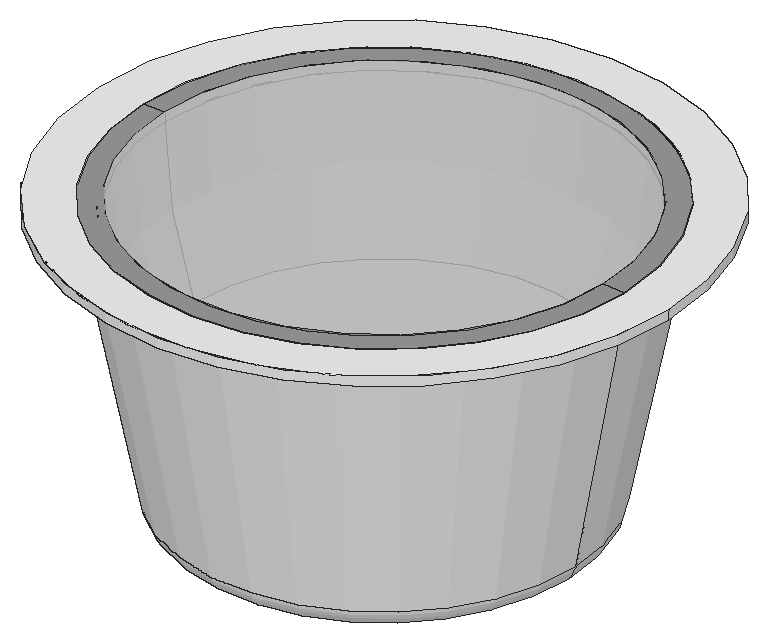
Revit family "2060560 Sylvania Lighting Fixture ASCENT 100 II ARCH 2700 3K STD 160", category Lighting Fixtures, host Face, Revit 2016
Family settings
  Host = Face
  Part Type = Normal
  Round Connector Dimension = Use Diameter
  OmniClass Number = 23.80.70.11.17
  OmniClass Title = Specialized Lighting by Location or Use
  Cut with Voids When Loaded = No
  Light Source = Yes
  Shared = No
  Room Calculation Point = No
Parameters (values of type "2060560 ASCT100 II ARCH 2700 3K STD 160")
  WidthBezelAcc_SYL = 25.0 mm
  Weight = "1.2 kg"
  Wattage = 21 W
  WarrantyStartDate [instance] = "n/a"
  WarrantyGuarantorParts = "n/a"
  WarrantyDurationUnit = "n/a"
  WarrantyDurationParts = "n/a"
  WarrantyDescription = "n/a"
  built-in parameter 1150110 = 1 (stored number, unit not read)
  Voltage = 0 V
  VisibilityAccessory_SYL = no
  TypeName = "ASCENT 100 II ARCH 2700 3K STD 160"
  built-in parameter 1114217 = 1 (stored number, unit not read)
  Tilt Angle = -90°
  built-in parameter 1150109 = 1 (stored number, unit not read)
  built-in parameter 1150134 = (empty or 0)
  built-in parameter 1150113 = 1 (stored number, unit not read)
  SerialNumber [instance] = "n/a"
  ReflectorRadius_SYL = Radius_SYL - 14.5 mm  # 80.0 mm
  RadiusAcc_SYL = 105.0 mm
  Radius_SYL = 94.5 mm
  URL = "http://www.sylvania-lighting.com"
  PowerFactor = 0
  PowerConsumption = "21 W"
  Photometric Web File = "2060560.ies"
  NominalWidth = 0.0 mm
  NominalLength = 0.0 mm
  NominalHeight = 94.0 mm
  Name = "ASCENT 100 II ARCH 2700 3K STD 160"
  ModelReference = "ASCENT 100 II ARCH 2700 3K STD 160"
  ModelNumber = "2060560"
  Material_4_SYL = none
  Material_3_SYL = Polycarbonate_Sylvania_Ascent_Opal
  Material_2_SYL = Aluminium_Sylvania_Ascent_Silver
  Material_1_SYL = Aluminum_Sylvania_Ascent_White
  Material = "aluminium housing, arcylic diffuser"
  ManufacturerName = "Feilo Sylvania"
  LuminousEfficacy = "126 lm/W"
  built-in parameter 1150105 = 210.56 (stored number, unit not read)
  Lumens = 2646 lm
  LuminaireType = ""
  built-in parameter 1150115 = 1 (stored number, unit not read)
  LightOutputRatio = "100"
  built-in parameter 1150137 = (empty or 0)
  built-in parameter 1150139 = (empty or 0)
  LampsType = Lamp  # "LED"
  LampNominalLuminous = "2649 lm"
  LampMacAdamStep = "3"
  LampColourTemperature = "3000 K"
  LampColourRenderingIndex = "80"
  built-in parameter 1150112 = 1 (stored number, unit not read)
  built-in parameter 1150114 = 1 (stored number, unit not read)
  Keynote = "16500"
  InstallationDate [instance] = "n/a"
  InputVoltage = "n/a"
  InputNominalFrequency = "n/a"
  built-in parameter 1150132 = (empty or 0)
  built-in parameter 1150102 = (empty or 0)
  built-in parameter 1150107 = 3000 (stored number, unit not read)
  built-in parameter 1150138 = (empty or 0)
  IngressProtection = "IP40"
  ImpactProtectionIndex = "IK02"
  built-in parameter 1150106 = 2.1056 (stored number, unit not read)
  IfcExportType = "IfcLightFixtureType"
  IfcExportAs = "IfcLightFixtureType"
  Height_SYL = 94.0 mm
  HeightAcc_SYL = 7.0 mm
  ExpectedLife = 50000
  EmittionSurface_SYL = if(VisibilityAccessory_SYL, 7.0 mm, 3.0 mm)  # 3.0 mm
  Emit from Circle Diameter = DiffuserRadius_SYL * 2  # 146.0 mm
  Emit Shape Visible in Rendering = no
  ElectricShockClassification = "Class II"
  built-in parameter 1150104 = 11.706 (stored number, unit not read)
  DurationUnit = "hours"
  DocumentationLiterature = "http://www.sylvania-lighting.com/product/en-int/products/2060560"
  DimmingControlOptions = "n/a"
  Dimming Lamp Color Temperature Shift = <None>
  DiffuserRadius_SYL = ReflectorRadius_SYL - 7.0 mm  # 73.0 mm
  Diameter_SYL = 2 * Radius_SYL  # 189.0 mm
  CutoutDiameter_SYL = Diameter_SYL - 13.0 mm  # 176.0 mm
  CreatedOn = "9/17/2018"
  CreatedBy = "@sylvania-lighting.com"
  Color Filter = 16777215
  built-in parameter 1114216 [instance] = 1 (stored number, unit not read)
  Model = "ASCENT 100 II ARCH 2700 3K STD 160"
  Manufacturer = "Feilo Sylvania"
  Lamp = "LED"
  Description = "Direct LED retro fit for original LED 100 Arch (160) single CFL lamp offering Matching lumen levels and improved light distribution of original LED 100 CFL lamp equivalents Typically half the power consumption compared to CFL Up to 112lm/W 160mm aperture Architectural reflector accepts range of glass accessories from existing LED 100 Arch 160 offering HE, HO and VHO versions equivalent of single 1 x 18W, 1 x 32W, 1 x 42W\r\n Additional VVHO versions which offer the performance circa 2 x 32W equivalent"  # constant formula
  Default Elevation = 0.0 mm
  built-in parameter 1140040 [instance] = 1
  BarCode [instance] = "n/a"
  built-in parameter 1114218 = 1 (stored number, unit not read)
  built-in parameter 1150133 = 10 (stored number, unit not read)
  AssetType = "Fixed"
  AssetIdentifier [instance] = "n/a"
  Assembly Code = "D5020200"
  Apparent Load = 21 VA
  Aperture_SYL = 2 * ReflectorRadius_SYL  # 160.0 mm
Reference planes
  plane 1 "Center (Front/Back)": y = 0
  plane 2: z = 0
  plane 3 "Center (Left/Right)": x = 0
  plane 4 "Fixture Bottom": z = 3
  plane 5: z = -52.5
  plane 6 "Fixture Top": z = -91
  plane 7: x = -105
  plane 8: z = 7
  plane 9: x = -80
  plane 10: z = 5
  plane 11: x = -103
Forms (mm)
  Extrusion 1, solid, material "Aluminum_Sylvania_Ascent_White", detail levels fine
    sketch origin (0, 0, 0) x (1, 0, 0) y (0, 1, 0)
      loop
        circle (0, 0) r 94.5
      loop
        circle (0, 0) r 80
    from 0 to 3
  Extrusion 2, void
    sketch origin (0, 0, 0) x (1, 0, 0) y (0, 1, 0)
      loop
        circle (0, 0) r 88
    from -91 to 3
  Revolve 3, solid, material "Aluminum_Sylvania_Ascent_White" <- "Material_1_SYL", detail levels fine
    sketch origin (0, 0, 0) x (1, 0, 0) y (0, 0, 1)
      loop
        line (0, -91.073) -> (0, -89.023) -> (-55.468, -89.014)
        arc (-55.468, -89.014) -> (-59.352, -87.613) -> (-61.54, -84.139) r 6.307
        line (-61.54, -84.139) -> (-77.991, -2.844) -> (-77.991, 0) -> (-80, 0) -> (-80, -3) -> (-63.5, -84.536)
        arc (-63.5, -84.536) -> (-60.643, -89.203) -> (-55.5, -91.073) r 8.291
        line (-55.5, -91.073) -> (0, -91.073)
      axis (0, 0) -> (0, -91.073)
    angle from 0 to 360
  Revolve 4, solid, material "Aluminium_Sylvania_Ascent_Silver" <- "Material_2_SYL", detail levels fine
    sketch origin (0, 0, 0) x (1, 0, 0) y (0, 0, 1)
      loop
        line (-80, 3) -> (-80, 0) -> (-75, 0)
        arc (-75, 0) -> (-72.349, -26.77) -> (-64.5, -52.5) r 136.5
        line (-64.5, -52.5) -> (-58, -52.5)
        arc (-58, -52.5) -> (-56.857, -61.521) -> (-53.5, -69.971) r 36.166
        line (-53.5, -69.971) -> (0, -69.971) -> (0, -50.5) -> (-63.16, -50.5)
        arc (-63.16, -50.5) -> (-70.517, -25.725) -> (-73, 0) r 134.5
        line (-73, 0) -> (-73, 3) -> (-80, 3)
      axis (0, 3) -> (0, -69.971)
    angle from 0 to 360
  Extrusion 5, solid, material "Polycarbonate_Sylvania_Ascent_Opal" <- "Material_3_SYL", detail levels fine
    sketch origin (0, 0, 0) x (1, 0, 0) y (0, 1, 0)
      loop
        circle (0, 0) r 73
    from 0 to 3
  Revolve 6, solid, material "Aluminum_Sylvania_Ascent_White" <- "Material_1_SYL", detail levels coarse+medium
    sketch origin (0, 0, 0) x (1, 0, 0) y (0, 0, 1)
      loop
        line (0, -91.073) -> (0, 3) -> (-94.5, 3) -> (-94.5, 0) -> (-79.5, 0) -> (-79.5, -3) -> (-63, -84.536)
        arc (-63, -84.536) -> (-60.143, -89.203) -> (-55, -91.073) r 8.291
        line (-55, -91.073) -> (0, -91.073)
      axis (0, 3) -> (0, -91.073)
    angle from 0 to 360
  Revolve 7, solid, material "Aluminum_Sylvania_Ascent_White" <- "Material_1_SYL", visible <- "VisibilityAccessory_SYL"
    sketch origin (0, 0, 0) x (1, 0, 0) y (0, 0, 1)
      loop
        line (-105, 0) -> (-103, 0) -> (-103, 5) -> (-80, 5) -> (-80, 7) -> (-105, 7) -> (-105, 0)
      axis (0, 7) -> (0, 0)
    angle from 0 to 360
  Revolve 8, solid, material "Polycarbonate_Sylvania_Ascent_Opal" <- "Material_3_SYL", visible <- "VisibilityAccessory_SYL"
    sketch origin (0, 0, 0) x (1, 0, 0) y (0, 0, 1)
      loop
        line (-80, 7) -> (-80, 5) -> (0, 5) -> (0, 7) -> (-80, 7)
      axis (0, 7) -> (0, 5)
    angle from 0 to 360
Lines and regions (mm)
  reference lines
    curve 1: line (-150, 0, 3) -> (125, 0, 3)
Dimensions and locks
  locked: plane 4 "Fixture Bottom" to plane 2 at 3
  "Height_SYL": plane 4 "Fixture Bottom" to plane 6 "Fixture Top"
  "ReflectorRadius_SYL": plane 3 "Center (Left/Right)" to Revolve 4 sketch curve
  locked: Revolve 4 sketch curve to Revolve 4 sketch curve at 15.5
  locked: Revolve 4 sketch curve to Revolve 4 sketch curve at 5
  locked: Revolve 4 sketch curve to Revolve 4 sketch curve at 7
  locked: Revolve 4 sketch curve to Revolve 4 sketch curve at 22
  locked: Revolve 4 sketch curve to Revolve 4 sketch curve at 26.5
  locked: Revolve 3 sketch curve to Revolve 3 sketch curve at 16.5
  locked: Revolve 3 sketch curve to Revolve 3 sketch curve at 24.5
  "ReflectorRadius_SYL": Revolve 3 sketch curve to plane 3 "Center (Left/Right)"
  locked: Revolve 3 sketch curve to plane 6 "Fixture Top" at 6.464
  locked: plane 2 to Revolve 3 sketch curve at 3
  locked: Revolve 3 sketch curve to Revolve 3 sketch curve at 2
  locked: Revolve 3 sketch curve to Revolve 3 sketch curve at 2.009
  locked: plane 2 to plane 5 at 52.5
  locked: Revolve 6 sketch curve to Revolve 6 sketch curve at 31.5
  locked: Revolve 6 sketch curve to Revolve 6 sketch curve at 39.5
  locked: Revolve 6 sketch curve to Revolve 6 sketch curve at 15
  "Radius_SYL": plane 3 "Center (Left/Right)" to Revolve 6 sketch curve
  "RadiusAcc_SYL": plane 3 "Center (Left/Right)" to plane 7
  "HeightAcc_SYL": plane 8 to level
  "WidthBezelAcc_SYL": plane 7 to plane 9
  locked: plane 7 to plane 11 at 2
  locked: plane 8 to plane 10 at 2
  "EmittionSurface_SYL": curve 1 to level
  "CutoutDiameter_SYL": diameter of Extrusion 2 sketch curve
  "ReflectorRadius_SYL": radius of Extrusion 1 sketch curve
  "DiffuserRadius_SYL": radius of Extrusion 5 sketch curve
  "Radius_SYL": radius of Extrusion 1 sketch curve
  aligned and locked: host face to plane 2
  aligned and locked: host face to level
  aligned and locked: plane 4 "Fixture Bottom" to Extrusion 1
  aligned and locked: Extrusion 1 to plane 2
  aligned and locked: Revolve 3 sketch curve to plane 3 "Center (Left/Right)"
  aligned and locked: Revolve 4 sketch curve to plane 3 "Center (Left/Right)"  (x2)
  aligned and locked: plane 4 "Fixture Bottom" to Revolve 4 sketch curve
  aligned and locked: Extrusion 5 to plane 2
  aligned and locked: plane 2 to Revolve 3 sketch curve  (x2)
  aligned and locked: Revolve 6 sketch curve to plane 3 "Center (Left/Right)"
  aligned and locked: plane 6 "Fixture Top" to Extrusion 2
  aligned and locked: Revolve 7 sketch curve to plane 3 "Center (Left/Right)"
  aligned and locked: host face to Revolve 7 sketch curve  (x2)
  aligned and locked: Revolve 7 sketch curve to plane 7
  aligned and locked: plane 8 to Revolve 7 sketch curve
  aligned and locked: plane 9 to Revolve 7 sketch curve
  aligned and locked: Revolve 7 sketch curve to plane 10
  aligned and locked: plane 11 to Revolve 7 sketch curve
  aligned and locked: Revolve 7 to Revolve 8 sketch curve
  aligned and locked: Revolve 8 sketch curve to Revolve 7  (x2)
  aligned and locked: Revolve 8 sketch curve to plane 3 "Center (Left/Right)"  (x2)
  aligned and locked: plane 3 "Center (Left/Right)" to imposter light
  aligned and locked: imposter light to plane 1 "Center (Front/Back)"
  aligned and locked: imposter light to curve 1
Automatic sketch dimensions
  plane 1 "Center (Front/Back)" to Extrusion 2 sketch curve = 0.0 mm
  Extrusion 2 sketch curve to plane 3 "Center (Left/Right)" = 0.0 mm
  Extrusion 1 sketch curve to Extrusion 1 sketch curve = 0.0 mm  (x2)
  plane 1 "Center (Front/Back)" to Extrusion 1 sketch curve = 0.0 mm
  Extrusion 1 sketch curve to plane 3 "Center (Left/Right)" = 0.0 mm
  plane 6 "Fixture Top" to Revolve 3 sketch curve = 0.073 mm
  Revolve 3 sketch curve to plane 6 "Fixture Top" = 6.861 mm
  Revolve 3 sketch curve to Revolve 3 sketch curve = 0.003 mm
  Revolve 3 sketch curve to Revolve 3 sketch curve = 0.009 mm  (x2)
  Revolve 3 sketch curve to Revolve 3 sketch curve = 0.023 mm
  Revolve 3 sketch curve to Revolve 3 sketch curve = 0.072 mm
  Revolve 3 sketch curve to Revolve 3 sketch curve = 0.008 mm
  Revolve 3 sketch curve to plane 6 "Fixture Top" = 1.977 mm
  Revolve 3 sketch curve to Revolve 3 sketch curve = 33.496 mm
  Revolve 3 sketch curve to Revolve 3 sketch curve = 0.028 mm
  plane 4 "Fixture Bottom" to Revolve 3 sketch curve = 82.431 mm
  Revolve 4 sketch curve to Revolve 4 sketch curve = 0.0 mm  (x2)
  Revolve 4 sketch curve to plane 5 = 0.0 mm
  Revolve 4 sketch curve to level = 0.0 mm
  plane 5 to Revolve 4 sketch curve = 2.0 mm
  plane 4 "Fixture Bottom" to Revolve 4 sketch curve = 9.642 mm
  plane 1 "Center (Front/Back)" to Extrusion 5 sketch curve = 0.0 mm
  Extrusion 5 sketch curve to plane 3 "Center (Left/Right)" = 0.0 mm
  Revolve 4 sketch curve to level = 69.971 mm
  Revolve 4 sketch curve to Revolve 4 sketch curve = 2.387 mm
  Revolve 6 sketch curve to level = 0.0 mm
  Revolve 6 sketch curve to plane 3 "Center (Left/Right)" = 0.0 mm
  Revolve 6 sketch curve to Revolve 6 sketch curve = 8.104 mm
  Revolve 6 sketch curve to level = 3.0 mm
  Revolve 6 sketch curve to plane 6 "Fixture Top" = 6.464 mm
  plane 6 "Fixture Top" to Revolve 6 sketch curve = 0.073 mm
  Revolve 6 sketch curve to Revolve 6 sketch curve = 33.496 mm
  plane 4 "Fixture Bottom" to Revolve 6 sketch curve = 82.431 mm
  host sketch curve to host sketch curve = 1704.996 mm
  host sketch curve to host sketch curve = 1500.0 mm
  plane 6 "Fixture Top" to Revolve 7 sketch curve = 281.274 mm
  Revolve 7 sketch curve to plane 8 = 1140.706 mm
  plane 6 "Fixture Top" to Revolve 8 sketch curve = 281.274 mm
  Revolve 8 sketch curve to Revolve 8 sketch curve = 1140.706 mm
  Revolve 3 sketch curve to plane 3 "Center (Left/Right)" = 0.0 mm
  Revolve 6 sketch curve to plane 4 "Fixture Bottom" = 0.0 mm
  plane 7 to curve 1 = 45.0 mm
  plane 3 "Center (Left/Right)" to curve 1 = 125.0 mm
Connectors
  electrical at (0, 0, -91.073), driven by "Apparent Load"
    settings: on Revolve 3, index 1, voltage 240 V, apparent load 0 VA, apparent load phase1 21 VA, apparent load phase2 0 VA, apparent load phase3 0 VA, power factor 1, load classification "Lighting", number of poles 1, system type 31, power factor state 1, is connector primary yes, connector utility no, sub classification motor no, connector description ""
